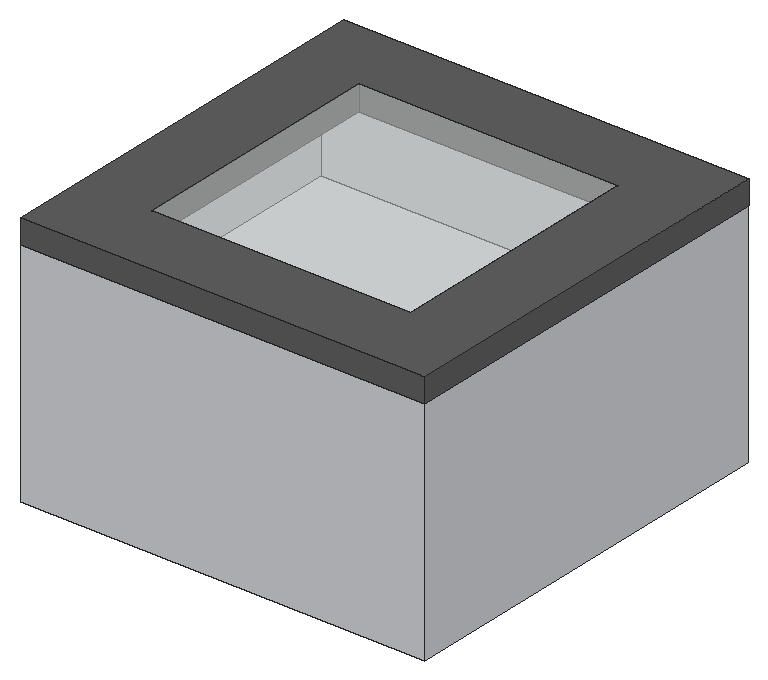
Revit family "Lighting-Recessed- Wall-Amerlux-Passo SQ", category Lighting Fixtures, host Face, Revit 2017
Family settings
  Host = Face
  Round Connector Dimension = Use Diameter
  Part Type = Normal
  Cut with Voids When Loaded = No
  Light Source = Yes
  Shared = No
  Room Calculation Point = No
Parameters (values of type "PSCS6")
  Width = 0' - 6 1/4"
  Wattage = 9.2903 W
  built-in parameter 1150110 = 1 (stored number, unit not read)
  Voltage = 0 V
  URL = "http://www.amerlux.com/"
  built-in parameter 1114217 = 1 (stored number, unit not read)
  Tilt Angle = -90.00°
  built-in parameter 1150109 = 1 (stored number, unit not read)
  built-in parameter 1150134 = 3
  built-in parameter 1150113 = 1 (stored number, unit not read)
  Power Factor = 1
  Photometric Web File = "generic"
  PSCS6 = yes
  PSCS4 = no
  PSCP6 = no
  PSCP4 = no
  PSCL4 = no
  PSCD6 = no
  PSCD4 = no
  Number of Poles = 1
  built-in parameter 1150142 = (empty or 0)
  Model = "Passo SQ"
  Manufacturer = "Amerlux"
  built-in parameter 1150105 = 109.82 (stored number, unit not read)
  Lumens = 1380 lm
  built-in parameter 1150115 = 1 (stored number, unit not read)
  built-in parameter 1150137 = (empty or 0)
  built-in parameter 1150139 = (empty or 0)
  Length = 0' - 6 1/4"
  built-in parameter 1150112 = 1 (stored number, unit not read)
  built-in parameter 1150114 = 1 (stored number, unit not read)
  Lamp = "LED"
  built-in parameter 1150132 = (empty or 0)
  built-in parameter 1150102 = (empty or 0)
  built-in parameter 1150107 = 3200 (stored number, unit not read)
  built-in parameter 1150138 = (empty or 0)
  built-in parameter 1150106 = 1.0982 (stored number, unit not read)
  Height = 0' - 3 1/2"
  Emit from Line Length = 4' - 0"
  built-in parameter 1150104 = 13.8 (stored number, unit not read)
  Dimming Lamp Color Temperature Shift = <None>
  Description = "Recessed Wall"
  Default Elevation = 4' - 0"
  Color Filter = 16777215
  built-in parameter 1114218 = 1 (stored number, unit not read)
  built-in parameter 1150133 = 10 (stored number, unit not read)
  Apparent Load = 0 VA
Types (8): name | Width | PSCS6 | PSCS4 | PSCP6 | PSCP4 | PSCL4 | PSCD6 | PSCD4 | Length
  (no name) | 0' - 6 1/4" | yes | no | no | no | no | no | no | 0' - 6 1/4"
  PSCD4 | 0' - 3 1/2" | no | no | no | no | no | no | yes | 0' - 3 1/2"
  PSCL4 | 0' - 3 1/2" | no | no | no | no | yes | no | no | 0' - 3 1/2"
  PSCD6 | 0' - 5 15/16" | no | no | no | no | no | yes | no | 0' - 5 15/16"
  PSCS4 | 0' - 3 1/2" | no | yes | no | no | no | no | no | 0' - 3 1/2"
  PSCS6 | 0' - 6 1/4" | yes | no | no | no | no | no | no | 0' - 6 1/4"
  PSCP4 | 0' - 3 1/2" | no | no | no | yes | no | no | no | 0' - 3 1/2"
  PSCP6 | 0' - 5 15/16" | no | no | yes | no | no | no | no | 0' - 5 15/16"
Reference planes (in)
  plane 1 "Center (Front/Back)": y = 0
  plane 2: z = 0
  plane 3 "Center (Left/Right)": x = 0
  plane 4: y = 3.125
  plane 5: y = -3.125
  plane 6: x = -2.125
  plane 7: x = 2.125
  plane 8: x = -3.125
  plane 9: x = 3.125
  plane 10: z = -3.5
Forms (in)
  Extrusion 1, solid
    sketch origin (0, 0, 0) x (0, 1, 0) y (0, 0, 1)
      loop
        line (3.125, 0) -> (-3.125, 0) -> (-3.125, -3.55869) -> (3.125, -3.55869) -> (3.125, 0)
    from -3.125 to 3.125
  Extrusion 2, void
    sketch origin (0, 0, 0) x (0, 1, 0) y (0, 0, 1)
      loop
        line (2.4315, 0) -> (-2.5685, 0) -> (-2.5685, -1.40484) -> (2.4315, -1.40484) -> (2.4315, 0)
    from -2.92055 to 2.91816
Cuts and joins
  Extrusion 2 cuts Extrusion 1
Dimensions and locks (in)
  equal spacing: plane 4, plane 1 "Center (Front/Back)", plane 5
  "Width": plane 4 to plane 5
  equal spacing: plane 6, plane 3 "Center (Left/Right)", plane 7
  "Height": host face to plane 10
  locked: plane 8 to cut or joined group of Extrusion 1, Extrusion 2 at 0.20445
  locked: cut or joined group of Extrusion 1, Extrusion 2 to plane 9 at 0.20684
  equal spacing: plane 8, plane 3 "Center (Left/Right)", plane 9
  "Length": plane 8 to plane 9
  aligned and locked: plane 2 to host face
  aligned and locked: level to host face
  aligned and locked: Extrusion 1 sketch curve to plane 4
  aligned and locked: plane 5 to Extrusion 1 sketch curve
  aligned and locked: Extrusion 1 to plane 8
  aligned and locked: plane 9 to Extrusion 1
Automatic sketch dimensions
  host sketch curve to host sketch curve = 9' - 10.53435"
  host sketch curve to host sketch curve = 8' - 0"
  Extrusion 1 sketch curve to level = 0' - 0"
  Extrusion 1 sketch curve to level = 0' - 3.55869"
  Extrusion 2 sketch curve to level = 0' - 0"
  Extrusion 2 sketch curve to plane 5 = 0' - 0.5565"
  plane 4 to Extrusion 2 sketch curve = 0' - 0.6935"
  Extrusion 2 sketch curve to level = 0' - 1.40484"
Nested families (in)
  nested 1: "PSCD4" at (0, 0, 0), visible <- "PSCD4", type "PSCD4"
  nested 2: "PSCL4" at (0, 0, 0), visible <- "PSCL4", type "PSCL4"
  nested 3: "PSCD6" at (0, 0, 0), visible <- "PSCD6", type "PSCD6"
  nested 4: "PSCS4" at (0, 0, 0), visible <- "PSCS4", type "PSCS4"
  nested 5: "PSCS6" at (0, 0, 0), visible <- "PSCS6", type "PSCS6"
  nested 6: "PSCP4" at (0, 0, 0), visible <- "PSCP4", type "PSCP4"
  nested 7: "PSCP6" at (0, 0, 0), visible <- "PSCP6", type "PSCP6"
Connectors (in)
  electrical at (0, 0, -3.55869), driven by "Number of Poles", driven by "Voltage", driven by "Apparent Load", driven by "Power Factor"
    settings: on cut or joined group of Extrusion 1, Extrusion 2, index 1, voltage 0 V, apparent load 0 VA, apparent load phase1 0 VA, apparent load phase2 0 VA, apparent load phase3 0 VA, power factor 1, load classification "Other", number of poles 1, system type 31, power factor state 1, is connector primary yes, connector utility no, sub classification motor no, connector description ""
Definition of nested family "PSCD4"
  Parameters (values of type "PSCD4")
    Width = 0' - 4 1/4"
    Length = 0' - 4 1/4"
    Height = 0' - 0 3/8"
    Default Elevation = 4' - 0"
  Reference planes (in)
    plane 1 "Center (Front/Back)": y = 0
    plane 2: z = 0
    plane 3 "Center (Left/Right)": x = 0
  Forms (in)
    Extrusion 1, solid
      sketch origin (0, 0, 0) x (1, 0, 0) y (0, 1, 0)
        loop
          line (-48, 48) -> (-48, -48) -> (48, -48) -> (48, 48) -> (-48, 48)
      from 0 to -12
    Extrusion 2, solid
      sketch origin (0, 0, 0) x (1, 0, 0) y (0, 1, 0)
        loop
          line (-2.125, 2.125) -> (-2.125, -2.125) -> (2.125, -2.125) -> (2.125, 2.125) -> (-2.125, 2.125)
      from 0 to 0.375
    Extrusion 3, void
      sketch origin (0, 0, 0) x (1, 0, 0) y (0, 1, 0)
        loop
          line (-1.24237, 0.52372) -> (-1.24237, -1.22628) -> (1.25763, -1.22628) -> (1.25763, 0.52372) -> (-1.24237, 0.52372)
      from 0 to 0.375
  Cuts and joins
    Extrusion 3 cuts Extrusion 2
  Dimensions and locks (in)
    equal spacing: Extrusion 2 sketch curve, plane 3 "Center (Left/Right)", Extrusion 2 sketch curve
    equal spacing: Extrusion 2 sketch curve, plane 1 "Center (Front/Back)", Extrusion 2 sketch curve
    "Width": Extrusion 2 sketch curve to Extrusion 2 sketch curve
    "Length": Extrusion 2 sketch curve to Extrusion 2 sketch curve
    "Height": Extrusion 2 to Extrusion 1
    aligned and locked: plane 2 to Extrusion 1
    aligned and locked: level to Extrusion 1
    aligned and locked: Extrusion 2 to Extrusion 3
  Automatic sketch dimensions
    Extrusion 1 sketch curve to Extrusion 1 sketch curve = 8' - 0"  (x2)
    Extrusion 3 sketch curve to plane 3 "Center (Left/Right)" = 0' - 1.24237"
    plane 3 "Center (Left/Right)" to Extrusion 3 sketch curve = 0' - 1.25763"
    plane 1 "Center (Front/Back)" to Extrusion 3 sketch curve = 0' - 1.22628"
    Extrusion 3 sketch curve to plane 1 "Center (Front/Back)" = 0' - 0.52372"
Definition of nested family "PSCL4"
  Parameters (values of type "PSCL4")
    Width = 0' - 4 1/4"
    Length = 0' - 4 1/4"
    Height = 0' - 0 3/8"
    Default Elevation = 4' - 0"
  Reference planes (in)
    plane 1 "Center (Front/Back)": y = 0
    plane 2: z = 0
    plane 3 "Center (Left/Right)": x = 0
  Forms (in)
    Extrusion 1, solid
      sketch origin (0, 0, 0) x (1, 0, 0) y (0, 1, 0)
        loop
          line (-48, 48) -> (-48, -48) -> (48, -48) -> (48, 48) -> (-48, 48)
      from 0 to -12
    Extrusion 2, solid
      sketch origin (0, 0, 0) x (1, 0, 0) y (0, 1, 0)
        loop
          line (-2.125, 2.125) -> (-2.125, -2.125) -> (2.125, -2.125) -> (2.125, 2.125) -> (-2.125, 2.125)
      from 0 to 0.375
    Extrusion 3, void
      sketch origin (0, 0, 0) x (1, 0, 0) y (0, 1, 0)
        loop
          line (-1.22276, 1.08577) -> (-1.22276, 0.87293) -> (1.27724, 0.87293) -> (1.27724, 1.08577) -> (-1.22276, 1.08577)
        loop
          line (-1.22276, 0.74004) -> (-1.22276, 0.5272) -> (1.27724, 0.5272) -> (1.27724, 0.74004) -> (-1.22276, 0.74004)
        loop
          line (-1.22276, 0.42017) -> (-1.22276, 0.20733) -> (1.27724, 0.20733) -> (1.27724, 0.42017) -> (-1.22276, 0.42017)
        loop
          line (-1.22276, 0.08989) -> (-1.22276, -0.12295) -> (1.27724, -0.12295) -> (1.27724, 0.08989) -> (-1.22276, 0.08989)
        loop
          line (-1.22276, -0.24039) -> (-1.22276, -0.45323) -> (1.27724, -0.45323) -> (1.27724, -0.24039) -> (-1.22276, -0.24039)
        loop
          line (-1.22276, -0.57067) -> (-1.22276, -0.78351) -> (1.27724, -0.78351) -> (1.27724, -0.57067) -> (-1.22276, -0.57067)
        loop
          line (-1.22276, -0.88813) -> (-1.22276, -1.10097) -> (1.27724, -1.10097) -> (1.27724, -0.88813) -> (-1.22276, -0.88813)
      from 0 to 0.375
  Cuts and joins
    Extrusion 3 cuts Extrusion 2
  Dimensions and locks (in)
    equal spacing: Extrusion 2 sketch curve, plane 3 "Center (Left/Right)", Extrusion 2 sketch curve
    equal spacing: Extrusion 2 sketch curve, plane 1 "Center (Front/Back)", Extrusion 2 sketch curve
    "Width": Extrusion 2 sketch curve to Extrusion 2 sketch curve
    "Length": Extrusion 2 sketch curve to Extrusion 2 sketch curve
    "Height": Extrusion 2 to Extrusion 1
    aligned and locked: plane 2 to Extrusion 1
    aligned and locked: level to Extrusion 1
    aligned and locked: Extrusion 2 to Extrusion 3
  Automatic sketch dimensions
    Extrusion 1 sketch curve to Extrusion 1 sketch curve = 8' - 0"  (x2)
    Extrusion 3 sketch curve to plane 3 "Center (Left/Right)" = 0' - 1.22276"  (x2)
    Extrusion 3 sketch curve to Extrusion 3 sketch curve = 0' - 0"  (x11)
    plane 1 "Center (Front/Back)" to Extrusion 3 sketch curve = 0' - 0.12295"
    plane 3 "Center (Left/Right)" to Extrusion 3 sketch curve = 0' - 1.27724"
    Extrusion 3 sketch curve to Extrusion 3 sketch curve = 0' - 0.11744"  (x3)
    Extrusion 3 sketch curve to Extrusion 3 sketch curve = 0' - 0.21284"  (x6)
    Extrusion 3 sketch curve to Extrusion 3 sketch curve = 0' - 0.10462"
    Extrusion 3 sketch curve to plane 1 "Center (Front/Back)" = 0' - 0.08989"
    Extrusion 3 sketch curve to Extrusion 3 sketch curve = 0' - 0.10703"
    Extrusion 3 sketch curve to Extrusion 3 sketch curve = 0' - 0.13289"
Definition of nested family "PSCD6"
  Parameters (values of type "PSCD6")
    Width = 0' - 6 1/4"
    Length = 0' - 6 1/4"
    Height = 0' - 0 3/8"
    Default Elevation = 4' - 0"
  Reference planes (in)
    plane 1 "Center (Front/Back)": y = 0
    plane 2: z = 0
    plane 3 "Center (Left/Right)": x = 0
  Forms (in)
    Extrusion 1, solid
      sketch origin (0, 0, 0) x (1, 0, 0) y (0, 1, 0)
        loop
          line (-48, 48) -> (-48, -48) -> (48, -48) -> (48, 48) -> (-48, 48)
      from 0 to -12
    Extrusion 2, solid
      sketch origin (0, 0, 0) x (1, 0, 0) y (0, 1, 0)
        loop
          line (-3.125, 3.125) -> (-3.125, -3.125) -> (3.125, -3.125) -> (3.125, 3.125) -> (-3.125, 3.125)
      from 0 to 0.375
    Extrusion 3, void
      sketch origin (0, 0, 0) x (1, 0, 0) y (0, 1, 0)
        loop
          line (-1.81809, 1) -> (-1.81809, -1.83234) -> (1.85822, -1.83234) -> (1.85822, 1) -> (-1.81809, 1)
      from 0 to 0.375
  Cuts and joins
    Extrusion 3 cuts Extrusion 2
  Dimensions and locks (in)
    equal spacing: Extrusion 2 sketch curve, plane 3 "Center (Left/Right)", Extrusion 2 sketch curve
    equal spacing: Extrusion 2 sketch curve, plane 1 "Center (Front/Back)", Extrusion 2 sketch curve
    "Width": Extrusion 2 sketch curve to Extrusion 2 sketch curve
    "Length": Extrusion 2 sketch curve to Extrusion 2 sketch curve
    "Height": Extrusion 2 to Extrusion 1
    aligned and locked: plane 2 to Extrusion 1
    aligned and locked: level to Extrusion 1
    aligned and locked: Extrusion 2 to Extrusion 3
  Automatic sketch dimensions
    Extrusion 1 sketch curve to Extrusion 1 sketch curve = 8' - 0"  (x2)
    Extrusion 3 sketch curve to plane 3 "Center (Left/Right)" = 0' - 1.81809"
    plane 3 "Center (Left/Right)" to Extrusion 3 sketch curve = 0' - 1.85822"
    plane 1 "Center (Front/Back)" to Extrusion 3 sketch curve = 0' - 1.83234"
    Extrusion 3 sketch curve to plane 1 "Center (Front/Back)" = 0' - 1"
Definition of nested family "PSCS4"
  Parameters (values of type "PSCS4")
    Width = 0' - 4 1/4"
    Length = 0' - 4 1/4"
    Height = 0' - 0 3/8"
    Default Elevation = 4' - 0"
  Reference planes (in)
    plane 1 "Center (Front/Back)": y = 0
    plane 2: z = 0
    plane 3 "Center (Left/Right)": x = 0
  Forms (in)
    Extrusion 1, solid
      sketch origin (0, 0, 0) x (1, 0, 0) y (0, 1, 0)
        loop
          line (-48, 48) -> (-48, -48) -> (48, -48) -> (48, 48) -> (-48, 48)
      from 0 to -12
    Extrusion 2, solid
      sketch origin (0, 0, 0) x (1, 0, 0) y (0, 1, 0)
        loop
          line (-2.125, 2.125) -> (-2.125, -2.125) -> (2.125, -2.125) -> (2.125, 2.125) -> (-2.125, 2.125)
      from 0 to 0.375
    Extrusion 3, void
      sketch origin (0, 0, 0) x (1, 0, 0) y (0, 1, 0)
        loop
          line (-1.24237, 1.25) -> (-1.24237, -1.25) -> (1.25763, -1.25) -> (1.25763, 1.25) -> (-1.24237, 1.25)
      from 0 to 0.375
    Extrusion 4, solid
      sketch origin (0, 0, 0) x (1, 0, 0) y (0, 1, 0)
        loop
          line (-1.24237, 1.25) -> (-1.24237, -1.25) -> (1.25763, -1.25) -> (1.25763, 1.25) -> (-1.24237, 1.25)
      from 0 to 0.375
  Cuts and joins
    Extrusion 3 cuts Extrusion 2
  Dimensions and locks (in)
    equal spacing: Extrusion 2 sketch curve, plane 3 "Center (Left/Right)", Extrusion 2 sketch curve
    equal spacing: Extrusion 2 sketch curve, plane 1 "Center (Front/Back)", Extrusion 2 sketch curve
    "Width": Extrusion 2 sketch curve to Extrusion 2 sketch curve
    "Length": Extrusion 2 sketch curve to Extrusion 2 sketch curve
    "Height": Extrusion 2 to Extrusion 1
    aligned and locked: plane 2 to Extrusion 1
    aligned and locked: level to Extrusion 1
    aligned and locked: Extrusion 2 to Extrusion 3
    aligned and locked: Extrusion 4 sketch curve to cut or joined group of Extrusion 2, Extrusion 3  (x2)
  Automatic sketch dimensions
    Extrusion 1 sketch curve to Extrusion 1 sketch curve = 8' - 0"  (x2)
    Extrusion 3 sketch curve to plane 3 "Center (Left/Right)" = 0' - 1.24237"
    plane 3 "Center (Left/Right)" to Extrusion 3 sketch curve = 0' - 1.25763"
    plane 1 "Center (Front/Back)" to Extrusion 3 sketch curve = 0' - 1 1/4"
    Extrusion 3 sketch curve to plane 1 "Center (Front/Back)" = 0' - 1 1/4"
    plane 3 "Center (Left/Right)" to Extrusion 4 sketch curve = 0' - 1.25763"
    plane 1 "Center (Front/Back)" to Extrusion 4 sketch curve = 0' - 1 1/4"
Definition of nested family "PSCS6"
  Parameters (values of type "PSCS6")
    Width = 0' - 6 1/4"
    Length = 0' - 6 1/4"
    Height = 0' - 0 3/8"
    Default Elevation = 4' - 0"
  Reference planes (in)
    plane 1 "Center (Front/Back)": y = 0
    plane 2: z = 0
    plane 3 "Center (Left/Right)": x = 0
  Forms (in)
    Extrusion 1, solid
      sketch origin (0, 0, 0) x (1, 0, 0) y (0, 1, 0)
        loop
          line (-48, 48) -> (-48, -48) -> (48, -48) -> (48, 48) -> (-48, 48)
      from 0 to -12
    Extrusion 2, solid
      sketch origin (0, 0, 0) x (1, 0, 0) y (0, 1, 0)
        loop
          line (-3.125, 3.125) -> (-3.125, -3.125) -> (3.125, -3.125) -> (3.125, 3.125) -> (-3.125, 3.125)
      from 0 to 0.375
    Extrusion 3, void
      sketch origin (0, 0, 0) x (1, 0, 0) y (0, 1, 0)
        loop
          line (-1.99237, 2) -> (-1.99237, -2) -> (2.00763, -2) -> (2.00763, 2) -> (-1.99237, 2)
      from 0 to 0.375
    Extrusion 4, solid
      sketch origin (0, 0, 0) x (1, 0, 0) y (0, 1, 0)
        loop
          line (-1.99237, 2) -> (-1.99237, -2) -> (2.00763, -2) -> (2.00763, 2) -> (-1.99237, 2)
      from 0 to 0.375
  Cuts and joins
    Extrusion 3 cuts Extrusion 2
  Dimensions and locks (in)
    equal spacing: Extrusion 2 sketch curve, plane 3 "Center (Left/Right)", Extrusion 2 sketch curve
    equal spacing: Extrusion 2 sketch curve, plane 1 "Center (Front/Back)", Extrusion 2 sketch curve
    "Width": Extrusion 2 sketch curve to Extrusion 2 sketch curve
    "Length": Extrusion 2 sketch curve to Extrusion 2 sketch curve
    "Height": Extrusion 2 to Extrusion 1
    aligned and locked: plane 2 to Extrusion 1
    aligned and locked: level to Extrusion 1
    aligned and locked: Extrusion 2 to Extrusion 3
  Automatic sketch dimensions
    Extrusion 1 sketch curve to Extrusion 1 sketch curve = 8' - 0"  (x2)
    Extrusion 3 sketch curve to plane 3 "Center (Left/Right)" = 0' - 1.99237"
    plane 3 "Center (Left/Right)" to Extrusion 3 sketch curve = 0' - 2.00763"
    plane 1 "Center (Front/Back)" to Extrusion 3 sketch curve = 0' - 2"
    Extrusion 3 sketch curve to plane 1 "Center (Front/Back)" = 0' - 2"
    Extrusion 4 sketch curve to plane 3 "Center (Left/Right)" = 0' - 1.99237"
    plane 3 "Center (Left/Right)" to Extrusion 4 sketch curve = 0' - 2.00763"
    plane 1 "Center (Front/Back)" to Extrusion 4 sketch curve = 0' - 2"
    Extrusion 4 sketch curve to plane 1 "Center (Front/Back)" = 0' - 2"
Definition of nested family "PSCP4"
  Parameters (values of type "PSCP4")
    Width = 0' - 4 1/4"
    Length = 0' - 4 1/4"
    Height = 0' - 0 3/8"
    Default Elevation = 4' - 0"
  Reference planes (in)
    plane 1 "Center (Front/Back)": y = 0
    plane 2: z = 0
    plane 3 "Center (Left/Right)": x = 0
  Forms (in)
    Extrusion 1, solid
      sketch origin (0, 0, 0) x (1, 0, 0) y (0, 1, 0)
        loop
          line (-48, 48) -> (-48, -48) -> (48, -48) -> (48, 48) -> (-48, 48)
      from 0 to -12
    Extrusion 2, solid
      sketch origin (0, 0, 0) x (1, 0, 0) y (0, 1, 0)
        loop
          line (-2.125, 2.125) -> (-2.125, -2.125) -> (2.125, -2.125) -> (2.125, 2.125) -> (-2.125, 2.125)
      from 0 to 0.375
    Extrusion 3, void
      sketch origin (0, 0, 0) x (1, 0, 0) y (0, 1, 0)
        loop
          line (-1.24237, 0.5) -> (-1.24237, -1.25) -> (1.25763, -1.25) -> (1.25763, 0.5) -> (-1.24237, 0.5)
      from 0 to 0.375
    Extrusion 4, solid
      sketch origin (0, 0, 0) x (1, 0, 0) y (0, 1, 0)
        loop
          line (-1.24237, 0.5) -> (-1.24237, -1.25) -> (1.25763, -1.25) -> (1.25763, 0.5) -> (-1.24237, 0.5)
      from 0 to 0.375
  Cuts and joins
    Extrusion 3 cuts Extrusion 2
  Dimensions and locks (in)
    equal spacing: Extrusion 2 sketch curve, plane 3 "Center (Left/Right)", Extrusion 2 sketch curve
    equal spacing: Extrusion 2 sketch curve, plane 1 "Center (Front/Back)", Extrusion 2 sketch curve
    "Width": Extrusion 2 sketch curve to Extrusion 2 sketch curve
    "Length": Extrusion 2 sketch curve to Extrusion 2 sketch curve
    "Height": Extrusion 2 to Extrusion 1
    aligned and locked: plane 2 to Extrusion 1
    aligned and locked: level to Extrusion 1
    aligned and locked: Extrusion 2 to Extrusion 3
    aligned and locked: Extrusion 4 sketch curve to cut or joined group of Extrusion 2, Extrusion 3
  Automatic sketch dimensions
    Extrusion 1 sketch curve to Extrusion 1 sketch curve = 8' - 0"  (x2)
    Extrusion 3 sketch curve to plane 3 "Center (Left/Right)" = 0' - 1.24237"
    plane 3 "Center (Left/Right)" to Extrusion 3 sketch curve = 0' - 1.25763"
    plane 1 "Center (Front/Back)" to Extrusion 3 sketch curve = 0' - 1 1/4"
    Extrusion 3 sketch curve to plane 1 "Center (Front/Back)" = 0' - 0 1/2"
    plane 3 "Center (Left/Right)" to Extrusion 4 sketch curve = 0' - 1.25763"
    plane 1 "Center (Front/Back)" to Extrusion 4 sketch curve = 0' - 1 1/4"
    Extrusion 4 sketch curve to plane 1 "Center (Front/Back)" = 0' - 0 1/2"
Definition of nested family "PSCP6"
  Parameters (values of type "PSCP6")
    Width = 0' - 6 1/4"
    Length = 0' - 6 1/4"
    Height = 0' - 0 3/8"
    Default Elevation = 4' - 0"
  Reference planes (in)
    plane 1 "Center (Front/Back)": y = 0
    plane 2: z = 0
    plane 3 "Center (Left/Right)": x = 0
  Forms (in)
    Extrusion 1, solid
      sketch origin (0, 0, 0) x (1, 0, 0) y (0, 1, 0)
        loop
          line (-48, 48) -> (-48, -48) -> (48, -48) -> (48, 48) -> (-48, 48)
      from 0 to -12
    Extrusion 2, solid
      sketch origin (0, 0, 0) x (1, 0, 0) y (0, 1, 0)
        loop
          line (-3.125, 3.125) -> (-3.125, -3.125) -> (3.125, -3.125) -> (3.125, 3.125) -> (-3.125, 3.125)
      from 0 to 0.375
    Extrusion 3, void
      sketch origin (0, 0, 0) x (1, 0, 0) y (0, 1, 0)
        loop
          line (-1.99237, 1.13861) -> (-1.99237, -2) -> (2.00763, -2) -> (2.00763, 1.13861) -> (-1.99237, 1.13861)
      from 0 to 0.375
    Extrusion 4, solid
      sketch origin (0, 0, 0) x (1, 0, 0) y (0, 1, 0)
        loop
          line (-1.99237, 1.13861) -> (-1.99237, -2) -> (2.00763, -2) -> (2.00763, 1.13861) -> (-1.99237, 1.13861)
      from 0 to 0.375
  Cuts and joins
    Extrusion 3 cuts Extrusion 2
  Dimensions and locks (in)
    equal spacing: Extrusion 2 sketch curve, plane 3 "Center (Left/Right)", Extrusion 2 sketch curve
    equal spacing: Extrusion 2 sketch curve, plane 1 "Center (Front/Back)", Extrusion 2 sketch curve
    "Width": Extrusion 2 sketch curve to Extrusion 2 sketch curve
    "Length": Extrusion 2 sketch curve to Extrusion 2 sketch curve
    "Height": Extrusion 2 to Extrusion 1
    aligned and locked: plane 2 to Extrusion 1
    aligned and locked: level to Extrusion 1
    aligned and locked: Extrusion 2 to Extrusion 3
  Automatic sketch dimensions
    Extrusion 1 sketch curve to Extrusion 1 sketch curve = 8' - 0"  (x2)
    Extrusion 3 sketch curve to plane 3 "Center (Left/Right)" = 0' - 1.99237"
    plane 3 "Center (Left/Right)" to Extrusion 3 sketch curve = 0' - 2.00763"
    plane 1 "Center (Front/Back)" to Extrusion 3 sketch curve = 0' - 2"
    Extrusion 3 sketch curve to plane 1 "Center (Front/Back)" = 0' - 1.13861"
    Extrusion 4 sketch curve to plane 3 "Center (Left/Right)" = 0' - 1.99237"
    plane 3 "Center (Left/Right)" to Extrusion 4 sketch curve = 0' - 2.00763"
    plane 1 "Center (Front/Back)" to Extrusion 4 sketch curve = 0' - 2"
    Extrusion 4 sketch curve to plane 1 "Center (Front/Back)" = 0' - 1.13861"
